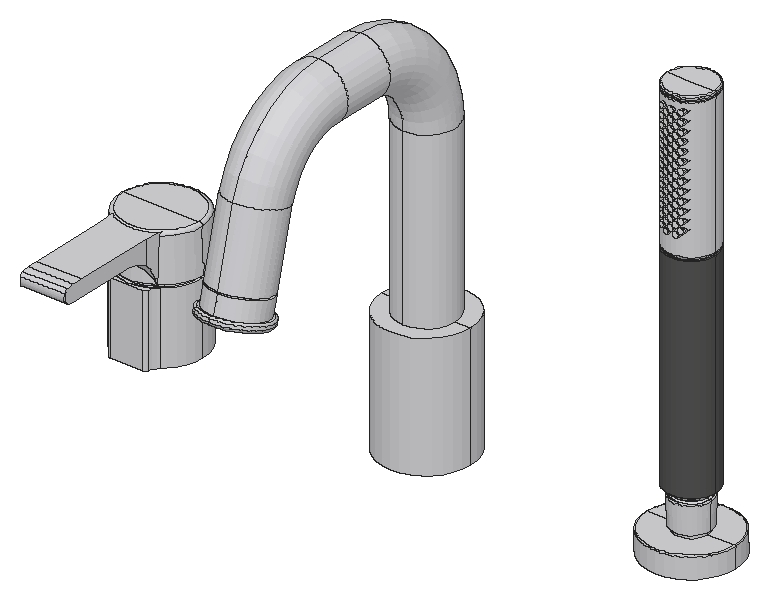
Revit family "Faucet-Bath_Filler-KOHLER-Singulier-K-10873", category Plumbing Fixtures, host Face, Revit 2015
Parameters (values of type "CP-Polished Chrome")
  Width [instance] = Handspray Width + Lever Width  # 11 7/8"
  Waste Water Outlet = "Waste Water Outlet"  # constant formula
  Waste Connection = 1 = 0  # no
  Vent Connection = 1 = 0  # no
  URL = "https://www.us.kohler.com/us/"
  Spout Reach = Length  # 5 5/16"
  Product Page URL = "http://www.us.kohler.com/us/catalog/productDetails.jsp?productNumber=10873-4"
  Product Name = "Singulier"  # constant formula
  Product Documentation Link = "http://www.us.kohler.com/onlinecatalog/pdf/K-10873-4_spec.pdf"
  Pressure = 0.00 psi
  Model = "K-10873-4-CP"  # constant formula
  Material = " Solid Brass Construction"  # constant formula
  MasterFormat 2004 = "22.41.39"  # constant formula
  MasterFormat 1995 = "15410"  # constant formula
  Manufacturer Address = "444 Highland Dr, Kohler, WI 53044"  # constant formula
  Manufacturer = "KOHLER Co."  # constant formula
  Lever Width [instance] = 5 15/16"
  Length = 5 5/16"  # constant formula
  Hot Water Inlet = "Hot Water Inlet"  # constant formula
  Height = 9 1/8"  # constant formula
  Handspray Width [instance] = 5 15/16"
  HW Connection = 1 = 1  # yes
  Flow Rate = 4 GPM  # constant formula
  Finish = Kohler-Metal-CP-Polished_Chrome
  Environmental Product Declaration = ""
  Drain Included = 1 = 0  # no
  Description = "Deck-mount bath filler with handshower"  # constant formula
  Default Elevation = 36"
  Declare Label = ""
  Date Modified = "12/11/2018"  # constant formula
  Date Created = "12/11/2018"  # constant formula
  Copyright = "Copyright KOHLER Co."  # constant formula
  Contact Us = "https://www.us.kohler.com/us/static/contact.jsp"
  Cold Water Inlet = "Cold Water Inlet"  # constant formula
  CW Connection = 1 = 1  # yes
  Assembly Code = "D2010"
  ADA Compliant = 1 = 0  # no
Reference planes (in)
  plane 1 "Center (Front/Back)": y = 0
  plane 2: z = 0
  plane 3 "Center (Left/Right)": x = 0
  plane 4: y = -5.3125
  plane 5: z = 4.9375
  plane 6: z = 2.75
  plane 7: z = 9.125
  plane 8: x = -5.9375
  plane 9: x = 5.9375
  plane 10: z = 9.4375
Dimensions and locks (in)
  "Length": plane 1 "Center (Front/Back)" to plane 4
  plane 6 to level = 2 3/4"
  "Height": plane 7 to level
  plane 10 to level = 9 7/16"
  "Width": plane 8 to plane 9
  "Lever Width": plane 8 to plane 3 "Center (Left/Right)"
  "Handspray Width": plane 3 "Center (Left/Right)" to plane 9
  aligned and locked: plane 2 to host face
  aligned and locked: level to host face
  aligned and locked: plane 8 to nested 3
  aligned and locked: plane 9 to nested 2
Automatic sketch dimensions
  host sketch curve to host sketch curve = 96"  (x2)
Nested families (in)
  nested 1: "K-10873" at (0, 0, 0), type "K-10873"
  nested 2: "K-10873_Handspray" at (0, 0, 0), type "K-10873_Handspray"
  nested 3: "K-10873_Lever" at (0, 0, 0), type "K-10873_Lever"
Connectors (in)
  piping at (-6.29689, 0, 0), diameter 0.375, driven by "Flow Rate", driven by "Pressure", driven by "HW Connection", driven by "Hot Water Inlet"
    settings: on nested 3, index 1, connector inside diameter 24", connector length 0", flow factor 0, pipe flow 4 GPM, pressure drop 0.00 psi, fitting loss kfactor 0, connector angle 0.00°, fixture units 0, engagement length 0", angle of deflection 0.00°, flow configuration 1, flow direction 1, fitting loss method 4, system type 19, joint type 0, gender type 0, connector reference index -1, connector utility 1, adjustable connector no, is connector primary yes, connector description "Hot Water Inlet"
  piping at (-5.57811, 0, 0), diameter 0.375, driven by "Flow Rate", driven by "Pressure", driven by "CW Connection", driven by "Cold Water Inlet"
    settings: on nested 3, index 2, connector inside diameter 24", connector length 0", flow factor 0, pipe flow 4 GPM, pressure drop 0.00 psi, fitting loss kfactor 0, connector angle 0.00°, fixture units 0, engagement length 0", angle of deflection 0.00°, flow configuration 1, flow direction 1, fitting loss method 4, system type 20, joint type 0, gender type 0, connector reference index -1, connector utility 1, adjustable connector no, is connector primary no, connector description "Cold Water Inlet"
Definition of nested family "K-10873"
  Parameters (values of type "K-10873")
    Material = none
  Reference planes (in)
    plane 1 "Center (Front/Back)": y = 0
    plane 2: z = 0
    plane 3 "Center (Left/Right)": x = 0
    plane 4: x = -5.9375
    plane 5: x = 5.9375
    plane 6: z = 9.125
    plane 7: y = -5.3125
    plane 8: z = 4.9375
    plane 9: z = 9.4375
    plane 10: x = -6.875
    plane 11: x = -5
    plane 12: x = -1
    plane 13: x = 1
    plane 14: y = 1
    plane 15: y = -1
    plane 16: y = 1
    plane 17: y = -1
  Forms (in)
    Revolve 1, solid, material <- "Material", detail levels medium+fine
      sketch origin (0, 0, 0) x (1, 0, 0) y (0, 0, 1)
        loop
          line (0, 2.75591) -> (-1, 2.75591) -> (-1, 0) -> (0, 0) -> (0, 2.75591)
        axis (0, 0) -> (0, 2.75591)
      angle from 0 to 360
    Sweep 2, solid, material <- "Material", detail levels medium+fine
      path origin (0, 0, 0) x (0, 1, 0) y (0, 0, 1)
        loop
          line (0, 2.75591) -> (0, 6.64425)
          arc (0, 6.64425) -> (-0.53763, 7.9422) -> (-1.83557, 8.47982) r 1.83557
          line (-1.83557, 8.47982) -> (-3.01166, 8.47982)
          arc (-3.01166, 8.47982) -> (-4.12719, 8.10115) -> (-4.78167, 7.12164) r 1.83246
          line (-4.78167, 7.12164) -> (-5.20811, 5.53017)
      profile origin (0, -2.42361, 8.47982) x (0, 0, -1) y (1, 0, 0)
        loop
          circle (0, 0) r 0.64899
    Revolve 3, solid, material <- "Material", detail levels medium+fine
      sketch origin (0, 0, 0) x (0, 1, 0) y (0, 0, 1)
        loop
          line (-4.90552, 4.81488) -> (-4.68395, 4.75551)
          arc (-4.68395, 4.75551) -> (-4.65266, 4.75963) -> (-4.63345, 4.78466) r 0.04123
          line (-4.63345, 4.78466) -> (-4.61341, 4.85942)
          arc (-4.61341, 4.85942) -> (-4.6173, 4.8889) -> (-4.64089, 4.90701) r 0.03885
          line (-4.64089, 4.90701) -> (-4.69843, 4.92242) -> (-4.59144, 5.32172) -> (-4.70552, 5.35229) -> (-4.69472, 5.3926) -> (-5.20811, 5.53017) -> (-5.32081, 5.10957) -> (-4.85967, 4.98601) -> (-4.90552, 4.81488)
        axis (-5.36666, 4.93844) -> (-5.20811, 5.53017)
      angle from 0 to 360
    Revolve 4, solid, material <- "Material", detail levels coarse
      sketch origin (0, 0, 0) x (0, 1, 0) y (0, 0, 1)
        loop
          line (0, 0) -> (1, 0) -> (1, 2.75591) -> (0, 2.75591) -> (0, 0)
        axis (0, 0) -> (0, 2.75591)
      angle from 0 to 360
    Sweep 5, solid, material <- "Material", detail levels coarse
      path origin (0, 0, 0) x (0, 1, 0) y (0, 0, 1)
        loop
          line (-5.36327, 4.9511) -> (-4.76581, 7.18085)
          arc (-4.76581, 7.18085) -> (-4.14077, 8.11629) -> (-3.07544, 8.47792) r 1.75
          line (-3.07544, 8.47792) -> (-1.64289, 8.47792)
          arc (-1.64289, 8.47792) -> (-0.48119, 7.99673) -> (0, 6.83503) r 1.64289
          line (0, 6.83503) -> (0, 2.75591)
      profile origin (0, 0, 2.75591) x (0, -1, 0) y (1, 0, 0)
        loop
          circle (0, 0) r 0.75
  Cuts and joins
    joined: Revolve 1, Sweep 2
  Lines and regions (in)
    Masking region 1
      outline origin (0, 0, 0) x (1, 0, 0) y (0, 0, 1)
        loop
          line (-1, 0) -> (1, 0) -> (1, 2.75591) -> (0.64899, 2.75591) -> (0.64899, 4.85882)
          arc (0.64899, 4.85882) -> (0.75623, 5.01484) -> (0.649, 5.17086) r 0.16712
          line (0.649, 5.17086) -> (0.649, 8.4565)
          arc (0.649, 8.4565) -> (0.46006, 8.92236) -> (0, 9.125) r 0.66879
          arc (0, 9.125) -> (-0.45891, 8.93491) -> (-0.649, 8.476) r 0.649
          line (-0.649, 8.476) -> (-0.649, 5.17086)
          arc (-0.649, 5.17086) -> (-0.75623, 5.01484) -> (-0.64899, 4.85882) r 0.16712
          line (-0.64899, 4.85882) -> (-0.64899, 2.75591) -> (-1, 2.75591) -> (-1, 0)
    Masking region 2
      outline origin (0, 0, 0) x (0, 1, 0) y (0, 0, 1)
        loop
          line (0.64899, 2.75591) -> (0.64899, 6.625)
          arc (0.64899, 6.625) -> (-0.08324, 8.39277) -> (-1.85101, 9.125) r 2.5
          line (-1.85101, 9.125) -> (-2.99844, 9.125)
          arc (-2.99844, 9.125) -> (-4.52034, 8.60838) -> (-5.41325, 7.27205) r 2.5
          line (-5.41325, 7.27205) -> (-5.83498, 5.69814) -> (-5.7215, 5.66773) -> (-5.7323, 5.62742) -> (-5.84638, 5.65799) -> (-5.95337, 5.25869) -> (-6.01164, 5.2743)
          arc (-6.01164, 5.2743) -> (-6.04055, 5.27049) -> (-6.05831, 5.24736) r 0.0381
          line (-6.05831, 5.24736) -> (-6.07904, 5.16997)
          arc (-6.07904, 5.16997) -> (-6.07643, 5.15012) -> (-6.06055, 5.13794) r 0.02615
          line (-6.06055, 5.13794) -> (-4.66599, 4.76427)
          arc (-4.66599, 4.76427) -> (-4.64614, 4.76688) -> (-4.63396, 4.78276) r 0.02615
          line (-4.63396, 4.78276) -> (-4.61322, 4.86015)
          arc (-4.61322, 4.86015) -> (-4.61703, 4.88906) -> (-4.64016, 4.90681) r 0.0381
          line (-4.64016, 4.90681) -> (-4.69843, 4.92242) -> (-4.59144, 5.32172) -> (-4.70552, 5.35229) -> (-4.69472, 5.3926) -> (-4.58123, 5.36219) -> (-4.15555, 6.95088)
          arc (-4.15555, 6.95088) -> (-3.73151, 7.5855) -> (-3.00877, 7.83083) r 1.18723
          line (-3.00877, 7.83083) -> (-1.83371, 7.83083)
          arc (-1.83371, 7.83083) -> (-0.99598, 7.48384) -> (-0.64899, 6.64612) r 1.18472
          line (-0.64899, 6.64612) -> (-0.64899, 2.75591) -> (-1, 2.75591) -> (-1, 0) -> (1, 0) -> (1, 2.75591) -> (0.64899, 2.75591)
    Masking region 3
      outline origin (0, 0, 0) x (1, 0, 0) y (0, 1, 0)
        loop
          arc (-1, 0) -> (-0.90802, -0.41893) -> (-0.64899, -0.7608) r 1
          line (-0.64899, -0.7608) -> (-0.64899, -4.97693)
          arc (-0.64899, -4.97693) -> (0, -6.0963) -> (0.64899, -4.97693) r 0.74782
          line (0.64899, -4.97693) -> (0.64899, -0.7608)
          arc (0.64899, -0.7608) -> (0.90802, -0.41893) -> (1, 0) r 1
          arc (1, 0) -> (0.70711, 0.70711) -> (0, 1) r 1
          arc (0, 1) -> (-0.70711, 0.70711) -> (-1, 0) r 1
    symbolic lines, detail levels medium+fine
      curve 1: arc (-0.38203, 0, 5.24751) -> (-0.19153, 0, 5.26845) -> (0, 0, 5.27544) r 2.62692
      curve 2: arc (-0.649, 0, 5.17086) -> (-0.51808, 0, 5.21812) -> (-0.38203, 0, 5.24751) r 1.0422
      curve 3: arc (0.38203, 0, 5.24751) -> (0.19153, 0, 5.26845) -> (0, 0, 5.27544) r 2.62692
      curve 4: arc (0.649, 0, 5.17086) -> (0.51808, 0, 5.21812) -> (0.38203, 0, 5.24751) r 1.0422
      curve 5: arc (-0.42354, 0, 4.78959) -> (-0.21251, 0, 4.76299) -> (0, 0, 4.75411) r 2.54556
      curve 6: arc (-0.64899, 0, 4.85882) -> (-0.53853, 0, 4.81682) -> (-0.42354, 0, 4.78959) r 0.90435
      curve 7: arc (0.42354, 0, 4.78959) -> (0.21251, 0, 4.76299) -> (0, 0, 4.75411) r 2.54556
      curve 8: arc (0.64899, 0, 4.85882) -> (0.53853, 0, 4.81682) -> (0.42354, 0, 4.78959) r 0.90435
      curve 9: spline (0, 0, 4.81488) -> (-0.12356, 0, 4.81909) -> (-0.2387, 0, 4.83143) -> (-0.33758, 0, 4.85107) -> (-0.41345, 0, 4.87666) -> (-0.46114, 0, 4.90646) -> (-0.47741, 0, 4.93844) -> (-0.46114, 0, 4.97042) -> (-0.41345, 0, 5.00022) -> (-0.33758, 0, 5.02581) -> (-0.2387, 0, 5.04545) -> (-0.12356, 0, 5.05779) -> (0, 0, 5.062)
      curve 10: spline (0, 0, 5.062) -> (0.12356, 0, 5.05779) -> (0.2387, 0, 5.04545) -> (0.33758, 0, 5.02581) -> (0.41345, 0, 5.00022) -> (0.46114, 0, 4.97042) -> (0.47741, 0, 4.93844) -> (0.46114, 0, 4.90646) -> (0.41345, 0, 4.87666) -> (0.33758, 0, 4.85107) -> (0.2387, 0, 4.83143) -> (0.12356, 0, 4.81909) -> (0, 0, 4.81488)
      curve 11: spline (-0.74515, 0, 5.07467) -> (-0.71976, 0, 5.11568) -> (-0.64532, 0, 5.1539) -> (-0.5269, 0, 5.18672) -> (-0.37258, 0, 5.2119) -> (-0.19286, 0, 5.22773) -> (0, 0, 5.23313) -> (0.19286, 0, 5.22773) -> (0.37258, 0, 5.2119) -> (0.5269, 0, 5.18672) -> (0.64532, 0, 5.1539) -> (0.71976, 0, 5.11568) -> (0.74515, 0, 5.07467)
      curve 12: spline (-0.649, 0, 5.50347) -> (-0.62688, 0, 5.55385) -> (-0.56205, 0, 5.6008) -> (-0.45891, 0, 5.64112) -> (-0.3245, 0, 5.67206) -> (-0.16797, 0, 5.6915) -> (0, 0, 5.69814) -> (0.16797, 0, 5.6915) -> (0.3245, 0, 5.67206) -> (0.45891, 0, 5.64112) -> (0.56205, 0, 5.6008) -> (0.62688, 0, 5.55385) -> (0.649, 0, 5.50347)
      curve 13: spline (-0.649, 0, 5.48275) -> (-0.62688, 0, 5.53463) -> (-0.56205, 0, 5.58297) -> (-0.45891, 0, 5.62448) -> (-0.3245, 0, 5.65633) -> (-0.16797, 0, 5.67635) -> (0, 0, 5.68318) -> (0.16797, 0, 5.67635) -> (0.3245, 0, 5.65633) -> (0.45891, 0, 5.62448) -> (0.56205, 0, 5.58297) -> (0.62688, 0, 5.53463) -> (0.649, 0, 5.48275)
      curve 14: line (-0.64899, 0, 2.75591) -> (0.64899, 0, 2.75591)
      curve 15: line (0, -4.69843, 4.92242) -> (0, -5.95337, 5.25869)
      curve 16: line (0, -4.70552, 5.35229) -> (0, -5.7323, 5.62742)
      curve 17: line (0, -4.69472, 5.3926) -> (0, -5.7215, 5.66773)
      curve 18: line (-0.64899, -0.7608, 0) -> (-0.64899, 0.00122, 0)
      curve 19: line (0.64899, -0.7608, 0) -> (0.64899, 0.00122, 0)
      curve 20: arc (-0.64899, 0.00122, 0) -> (0, 0.6502, 0) -> (0.64899, 0.00122, 0) r 0.64899
      curve 21: line (-0.64899, -4.97693, 0) -> (-0.64955, -5.30306, 0)
      curve 22: line (0.64899, -4.97693, 0) -> (0.64955, -5.30306, 0)
      curve 23: arc (-0.64955, -5.30306, 0) -> (0, -5.95374, 0) -> (0.64955, -5.30306, 0) r 0.64955
      curve 24: spline (-0.64949, -5.26761, 0) -> (-0.62736, -5.41741, 0) -> (-0.56248, -5.557, 0) -> (-0.45926, -5.67686, 0) -> (-0.32475, -5.76884, 0) -> (-0.1681, -5.82666, 0) -> (0, -5.84638, 0) -> (0.1681, -5.82666, 0) -> (0.32475, -5.76884, 0) -> (0.45926, -5.67686, 0) -> (0.56248, -5.557, 0) -> (0.62736, -5.41741, 0) -> (0.64949, -5.26761, 0)
      curve 25: spline (-0.64949, -5.26761, 0) -> (-0.62736, -5.41446, 0) -> (-0.56248, -5.5513, 0) -> (-0.45926, -5.6688, 0) -> (-0.32475, -5.75897, 0) -> (-0.1681, -5.81565, 0) -> (0, -5.83498, 0) -> (0.1681, -5.81565, 0) -> (0.32475, -5.75897, 0) -> (0.45926, -5.6688, 0) -> (0.56248, -5.5513, 0) -> (0.62736, -5.41446, 0) -> (0.64949, -5.26761, 0)
      curve 26: line (0, -0.64899, 2.75591) -> (0, 0.64899, 2.75591)
  Dimensions and locks (in)
    plane 4 to plane 3 "Center (Left/Right)" = 5 15/16"
    plane 5 to plane 3 "Center (Left/Right)" = 5 15/16"
    plane 6 to level = 9 1/8"
    plane 1 "Center (Front/Back)" to plane 7 = 5 5/16"
    plane 8 to level = 4 15/16"
    plane 9 to level = 9 7/16"
    plane 10 to plane 4 = 15/16"
    plane 14 to plane 1 "Center (Front/Back)" = 1"
    aligned and locked: plane 2 to level
Definition of nested family "K-10873_Handspray"
  Parameters (values of type "K-10873_Handspray")
    Material = none
  Reference planes (in)
    plane 1 "Center (Front/Back)": y = 0
    plane 2: z = 0
    plane 3 "Center (Left/Right)": x = 0
    plane 4: x = -5.9375
    plane 5: x = 5.9375
    plane 6: z = 9.125
    plane 7: y = -5.3125
    plane 8: z = 4.9375
    plane 9: z = 9.4375
    plane 10: x = -6.875
    plane 11: x = -5
    plane 12: x = 4.9375
    plane 13: x = 6.9375
    plane 14: y = 1
    plane 15: y = -1
  Forms (in)
    Revolve 1, solid, material <- "Material", detail levels medium+fine
      sketch origin (0.42569, 0, 0) x (1, 0, 0) y (0, 0, 1)
        loop
          line (5.51181, 0) -> (5.51181, 1.36164) -> (5.04181, 1.36164) -> (5.04181, 1.31165)
          arc (5.04181, 1.31165) -> (5.04774, 1.29734) -> (5.06204, 1.29142) r 0.02023
          line (5.06204, 1.29142) -> (5.13197, 1.29142)
          arc (5.13197, 1.29142) -> (5.146, 1.28561) -> (5.15181, 1.27159) r 0.01983
          line (5.15181, 1.27159) -> (5.15181, 1.21642) -> (5.11649, 1.1811) -> (5.08173, 1.1811)
          arc (5.08173, 1.1811) -> (5.06789, 1.17523) -> (5.0625, 1.16119) r 0.01924
          line (5.0625, 1.16119) -> (5.08349, 0.5601) -> (5.13931, 0.5601) -> (5.13931, 0.47244) -> (4.53193, 0.47244)
          arc (4.53193, 0.47244) -> (4.5177, 0.46655) -> (4.51181, 0.45232) r 0.02012
          line (4.51181, 0.45232) -> (4.51181, 0) -> (5.51181, 0)
        loop
          line (4.95681, 9.32104) -> (4.95681, 6.20503)
          arc (4.95681, 6.20503) -> (4.96256, 6.19116) -> (4.97643, 6.18542) r 0.01961
          line (4.97643, 6.18542) -> (5.00831, 6.18542) -> (5.00831, 6.13142) -> (5.51181, 6.13142) -> (5.51181, 9.4375) -> (4.98335, 9.4375)
          arc (4.98335, 9.4375) -> (4.96811, 9.43119) -> (4.9618, 9.41595) r 0.02155
          line (4.9618, 9.41595) -> (4.9618, 9.36846)
          arc (4.9618, 9.36846) -> (4.968, 9.35331) -> (4.98305, 9.34687) r 0.0216
          arc (4.98305, 9.34687) -> (4.96452, 9.33945) -> (4.95681, 9.32104) r 0.02582
        axis (5.51181, 9.4375) -> (5.51181, 0)
      angle from 0 to 360
    Extrusion 2, solid, detail levels medium+fine
      sketch origin (0, 0, 0) x (1, 0, 0) y (0, 0, 1)
        loop
          circle (5.82769, 6.65208) r 0.06237
        loop
          circle (6.04656, 6.65208) r 0.06237
        loop
          circle (6.15347, 6.75118) r 0.06237
        loop
          circle (5.93878, 6.75118) r 0.06237
        loop
          circle (5.71967, 6.75118) r 0.06237
        loop
          circle (5.82769, 6.84639) r 0.06237
        loop
          circle (6.04656, 6.84639) r 0.06237
        loop
          circle (6.15347, 6.94549) r 0.06237
        loop
          circle (5.93878, 6.94549) r 0.06237
        loop
          circle (5.71967, 6.94549) r 0.06237
        loop
          circle (5.82769, 7.04743) r 0.06237
        loop
          circle (6.04656, 7.04743) r 0.06237
        loop
          circle (6.15347, 7.14653) r 0.06237
        loop
          circle (5.93878, 7.14653) r 0.06237
        loop
          circle (5.71967, 7.14653) r 0.06237
        loop
          circle (5.82769, 7.24897) r 0.06237
        loop
          circle (6.04656, 7.24897) r 0.06237
        loop
          circle (6.15347, 7.34807) r 0.06237
        loop
          circle (5.93878, 7.34807) r 0.06237
        loop
          circle (5.71967, 7.34807) r 0.06237
        loop
          circle (5.82769, 7.44937) r 0.06237
        loop
          circle (6.04656, 7.44937) r 0.06237
        loop
          circle (6.15347, 7.54847) r 0.06237
        loop
          circle (5.93878, 7.54847) r 0.06237
        loop
          circle (5.71967, 7.54847) r 0.06237
        loop
          circle (5.82769, 7.6509) r 0.06237
        loop
          circle (6.04656, 7.6509) r 0.06237
        loop
          circle (6.15347, 7.75) r 0.06237
        loop
          circle (5.93878, 7.75) r 0.06237
        loop
          circle (5.71967, 7.75) r 0.06237
        loop
          circle (5.82769, 7.84675) r 0.06237
        loop
          circle (6.04656, 7.84675) r 0.06237
        loop
          circle (6.15347, 7.94585) r 0.06237
        loop
          circle (5.93878, 7.94585) r 0.06237
        loop
          circle (5.71967, 7.94585) r 0.06237
        loop
          circle (5.82769, 8.04487) r 0.06237
        loop
          circle (6.04656, 8.04487) r 0.06237
        loop
          circle (6.15347, 8.14397) r 0.06237
        loop
          circle (5.93878, 8.14397) r 0.06237
        loop
          circle (5.71967, 8.14397) r 0.06237
        loop
          circle (5.82769, 8.24456) r 0.06237
        loop
          circle (6.04656, 8.24456) r 0.06237
        loop
          circle (6.15347, 8.34366) r 0.06237
        loop
          circle (5.93878, 8.34366) r 0.06237
        loop
          circle (5.71967, 8.34366) r 0.06237
        loop
          circle (5.82769, 8.4457) r 0.06237
        loop
          circle (6.04656, 8.4457) r 0.06237
        loop
          circle (6.15347, 8.5448) r 0.06237
        loop
          circle (5.93878, 8.5448) r 0.06237
        loop
          circle (5.71967, 8.5448) r 0.06237
        loop
          circle (5.82952, 8.63508) r 0.06237
        loop
          circle (6.04839, 8.63508) r 0.06237
        loop
          circle (6.1553, 8.73418) r 0.06237
        loop
          circle (5.94062, 8.73418) r 0.06237
        loop
          circle (5.72151, 8.73418) r 0.06237
        loop
          circle (5.82952, 8.83802) r 0.06237
        loop
          circle (6.04839, 8.83802) r 0.06237
        loop
          circle (6.1553, 8.93712) r 0.06237
        loop
          circle (5.94062, 8.93712) r 0.06237
        loop
          circle (5.72151, 8.93712) r 0.06237
        loop
          circle (5.82952, 9.03732) r 0.06237
        loop
          circle (6.04839, 9.03732) r 0.06237
        loop
          circle (6.1553, 9.13642) r 0.06237
        loop
          circle (5.94062, 9.13642) r 0.06237
        loop
          circle (5.72151, 9.13642) r 0.06237
      from 0 to 0.60447
    Extrusion 3, void, detail levels medium+fine
      sketch origin (0, 0, 0) x (1, 0, 0) y (0, 1, 0)
        loop
          line (5.52349, -0.49172) -> (5.52349, -0.77734) -> (6.36988, -0.77734) -> (6.36988, -0.49172)
          arc (6.36988, -0.49172) -> (5.94668, -0.58229) -> (5.52349, -0.49172) r 1.03396
      from 0 to 12
    Revolve 4, solid, detail levels medium+fine
      sketch origin (0, 0, 0) x (1, 0, 0) y (0, 0, 1)
        loop
          line (5.9375, 1.38142) -> (5.9375, 6.13142) -> (5.38251, 6.13142) -> (5.38251, 1.38142) -> (5.9375, 1.38142)
        axis (5.9375, 6.13142) -> (5.9375, 1.38142)
      angle from 0 to 360
    Revolve 5, solid, material <- "Material", detail levels coarse
      sketch origin (0, 0, 0) x (1, 0, 0) y (0, 0, 1)
        loop
          line (5.9375, 0) -> (5.9375, 9.4375) -> (5.4375, 9.4375) -> (5.4375, 0.45232) -> (4.9375, 0.45232) -> (4.9375, 0) -> (5.9375, 0)
        axis (5.9375, 0) -> (5.9375, 9.4375)
      angle from 0 to 360
  Cuts and joins
    Extrusion 3 cuts Extrusion 2
  Lines and regions (in)
    Masking region 1
      outline origin (0, 0, 0) x (1, 0, 0) y (0, 0, 1)
        loop
          line (4.9375, 0) -> (5.9375, 0) -> (6.9375, 0) -> (6.9375, 0.45232)
          arc (6.9375, 0.45232) -> (6.93161, 0.46655) -> (6.91738, 0.47244) r 0.02012
          line (6.91738, 0.47244) -> (6.31, 0.47244) -> (6.31, 0.5601) -> (6.36582, 0.5601) -> (6.38681, 1.16119)
          arc (6.38681, 1.16119) -> (6.38142, 1.17523) -> (6.36758, 1.1811) r 0.01924
          line (6.36758, 1.1811) -> (6.33283, 1.1811) -> (6.29751, 1.21642) -> (6.29751, 1.27159)
          arc (6.29751, 1.27159) -> (6.30331, 1.28561) -> (6.31734, 1.29142) r 0.01983
          line (6.31734, 1.29142) -> (6.38727, 1.29142)
          arc (6.38727, 1.29142) -> (6.40157, 1.29734) -> (6.4075, 1.31165) r 0.02023
          line (6.4075, 1.31165) -> (6.4075, 1.36164)
          arc (6.4075, 1.36164) -> (6.40171, 1.37562) -> (6.38772, 1.38142) r 0.01978
          line (6.38772, 1.38142) -> (6.49249, 1.38142) -> (6.49249, 6.13142) -> (6.44101, 6.13142) -> (6.44101, 6.18542) -> (6.47288, 6.18542)
          arc (6.47288, 6.18542) -> (6.48675, 6.19116) -> (6.4925, 6.20503) r 0.01961
          line (6.4925, 6.20503) -> (6.4925, 9.32104)
          arc (6.4925, 9.32104) -> (6.48479, 9.33945) -> (6.46626, 9.34686) r 0.02582
          arc (6.46626, 9.34686) -> (6.48131, 9.35331) -> (6.48751, 9.36846) r 0.0216
          line (6.48751, 9.36846) -> (6.48751, 9.41595)
          arc (6.48751, 9.41595) -> (6.4812, 9.43119) -> (6.46596, 9.4375) r 0.02155
          line (6.46596, 9.4375) -> (5.9375, 9.4375) -> (5.40904, 9.4375)
          arc (5.40904, 9.4375) -> (5.3938, 9.43119) -> (5.38749, 9.41595) r 0.02155
          line (5.38749, 9.41595) -> (5.38749, 9.36846)
          arc (5.38749, 9.36846) -> (5.39369, 9.35331) -> (5.40874, 9.34687) r 0.0216
          arc (5.40874, 9.34687) -> (5.39021, 9.33945) -> (5.3825, 9.32104) r 0.02582
          line (5.3825, 9.32104) -> (5.3825, 6.20503)
          arc (5.3825, 6.20503) -> (5.38825, 6.19116) -> (5.40212, 6.18542) r 0.01961
          line (5.40212, 6.18542) -> (5.43399, 6.18542) -> (5.43399, 6.13142) -> (5.38251, 6.13142) -> (5.38251, 1.38142) -> (5.48728, 1.38142)
          arc (5.48728, 1.38142) -> (5.47329, 1.37562) -> (5.4675, 1.36164) r 0.01978
          line (5.4675, 1.36164) -> (5.4675, 1.31165)
          arc (5.4675, 1.31165) -> (5.47343, 1.29734) -> (5.48773, 1.29142) r 0.02023
          line (5.48773, 1.29142) -> (5.55766, 1.29142)
          arc (5.55766, 1.29142) -> (5.57169, 1.28561) -> (5.57749, 1.27159) r 0.01983
          line (5.57749, 1.27159) -> (5.57749, 1.21642) -> (5.54217, 1.1811) -> (5.50742, 1.1811)
          arc (5.50742, 1.1811) -> (5.49358, 1.17523) -> (5.48819, 1.16119) r 0.01924
          line (5.48819, 1.16119) -> (5.50918, 0.5601) -> (5.565, 0.5601) -> (5.565, 0.47244) -> (4.95762, 0.47244)
          arc (4.95762, 0.47244) -> (4.94339, 0.46655) -> (4.9375, 0.45232) r 0.02012
          line (4.9375, 0.45232) -> (4.9375, 0)
    Masking region 2
      outline origin (0, 0, 0) x (0, 1, 0) y (0, 0, 1)
        loop
          line (1, 0) -> (1, 0.45232)
          arc (1, 0.45232) -> (0.99411, 0.46655) -> (0.97988, 0.47244) r 0.02012
          line (0.97988, 0.47244) -> (0.3725, 0.47244) -> (0.3725, 0.5601) -> (0.42832, 0.5601) -> (0.44931, 1.16119)
          arc (0.44931, 1.16119) -> (0.44392, 1.17523) -> (0.43008, 1.1811) r 0.01924
          line (0.43008, 1.1811) -> (0.39533, 1.1811) -> (0.36001, 1.21642) -> (0.36001, 1.27159)
          arc (0.36001, 1.27159) -> (0.36581, 1.28561) -> (0.37984, 1.29142) r 0.01983
          line (0.37984, 1.29142) -> (0.44977, 1.29142)
          arc (0.44977, 1.29142) -> (0.46407, 1.29734) -> (0.47, 1.31165) r 0.02023
          line (0.47, 1.31165) -> (0.47, 1.36164)
          arc (0.47, 1.36164) -> (0.46421, 1.37562) -> (0.45022, 1.38142) r 0.01978
          line (0.45022, 1.38142) -> (0.55499, 1.38142) -> (0.55499, 6.13142) -> (0.50351, 6.13142) -> (0.50351, 6.18542) -> (0.53538, 6.18542)
          arc (0.53538, 6.18542) -> (0.54925, 6.19116) -> (0.555, 6.20503) r 0.01961
          line (0.555, 6.20503) -> (0.555, 9.32104)
          arc (0.555, 9.32104) -> (0.54729, 9.33945) -> (0.52876, 9.34687) r 0.02582
          arc (0.52876, 9.34687) -> (0.54381, 9.35331) -> (0.55001, 9.36846) r 0.0216
          line (0.55001, 9.36846) -> (0.55001, 9.41595)
          arc (0.55001, 9.41595) -> (0.5437, 9.43119) -> (0.52846, 9.4375) r 0.02155
          line (0.52846, 9.4375) -> (-0.52846, 9.4375)
          arc (-0.52846, 9.4375) -> (-0.5437, 9.43119) -> (-0.55001, 9.41595) r 0.02155
          line (-0.55001, 9.41595) -> (-0.55001, 9.36846)
          arc (-0.55001, 9.36846) -> (-0.54381, 9.35331) -> (-0.52876, 9.34686) r 0.0216
          arc (-0.52876, 9.34686) -> (-0.54729, 9.33945) -> (-0.555, 9.32104) r 0.02582
          line (-0.555, 9.32104) -> (-0.555, 9.19946) -> (-0.58618, 9.19946) -> (-0.58618, 6.58927) -> (-0.555, 6.58927) -> (-0.555, 6.20503)
          arc (-0.555, 6.20503) -> (-0.54925, 6.19116) -> (-0.53538, 6.18542) r 0.01961
          line (-0.53538, 6.18542) -> (-0.50351, 6.18542) -> (-0.50351, 6.13142) -> (-0.55499, 6.13142) -> (-0.55499, 1.38142) -> (-0.45022, 1.38142)
          arc (-0.45022, 1.38142) -> (-0.46421, 1.37562) -> (-0.47, 1.36164) r 0.01978
          line (-0.47, 1.36164) -> (-0.47, 1.31165)
          arc (-0.47, 1.31165) -> (-0.46407, 1.29734) -> (-0.44977, 1.29142) r 0.02023
          line (-0.44977, 1.29142) -> (-0.37984, 1.29142)
          arc (-0.37984, 1.29142) -> (-0.36581, 1.28561) -> (-0.36001, 1.27159) r 0.01983
          line (-0.36001, 1.27159) -> (-0.36001, 1.21642) -> (-0.39533, 1.1811) -> (-0.43008, 1.1811)
          arc (-0.43008, 1.1811) -> (-0.44392, 1.17523) -> (-0.44931, 1.16119) r 0.01924
          line (-0.44931, 1.16119) -> (-0.42832, 0.5601) -> (-0.3725, 0.5601) -> (-0.3725, 0.47244) -> (-0.97988, 0.47244)
          arc (-0.97988, 0.47244) -> (-0.99411, 0.46655) -> (-1, 0.45232) r 0.02012
          line (-1, 0.45232) -> (-1, 0) -> (1, 0)
    Masking region 3
      outline origin (0, 0, 0) x (1, 0, 0) y (0, 1, 0)
        loop
          arc (4.9375, 0) -> (5.23039, -0.70711) -> (5.9375, -1) r 1
          arc (5.9375, -1) -> (6.64461, -0.70711) -> (6.9375, 0) r 1
          arc (6.9375, 0) -> (6.64461, 0.70711) -> (5.9375, 1) r 1
          arc (5.9375, 1) -> (5.23039, 0.70711) -> (4.9375, 0) r 1
    symbolic lines, detail levels medium+fine
      curve 1: line (5.43399, 0, 6.18542) -> (6.44101, 0, 6.18542)
      curve 2: line (5.43399, 0, 6.13142) -> (6.44101, 0, 6.13142)
      curve 3: line (5.48728, 0, 1.38142) -> (6.38772, 0, 1.38142)
      curve 4: line (5.55766, 0, 1.29142) -> (6.31734, 0, 1.29142)
      curve 5: line (5.40874, 0, 9.34686) -> (6.46626, 0, 9.34686)
      curve 6: spline (5.65907, 0, 8.93709) -> (5.66152, 0, 8.92081) -> (5.66795, 0, 8.90571) -> (5.67792, 0, 8.89279) -> (5.69077, 0, 8.8829) -> (5.70566, 0, 8.87669) -> (5.7216, 0, 8.87457) -> (5.73754, 0, 8.87669) -> (5.75243, 0, 8.8829) -> (5.76528, 0, 8.89279) -> (5.77524, 0, 8.90571) -> (5.78167, 0, 8.92081) -> (5.78412, 0, 8.93709)
      curve 7: spline (5.78412, 0, 8.93709) -> (5.78166, 0, 8.95338) -> (5.77523, 0, 8.9685) -> (5.76525, 0, 8.98144) -> (5.75238, 0, 8.99134) -> (5.73747, 0, 8.99756) -> (5.72152, 0, 8.99968) -> (5.70557, 0, 8.99756) -> (5.69068, 0, 8.99134) -> (5.67783, 0, 8.98143) -> (5.66788, 0, 8.9685) -> (5.66149, 0, 8.95338) -> (5.65907, 0, 8.93709)
      curve 8: spline (5.87825, 0, 8.93738) -> (5.88033, 0, 8.92117) -> (5.88654, 0, 8.90605) -> (5.89646, 0, 8.89307) -> (5.90942, 0, 8.88312) -> (5.92452, 0, 8.87687) -> (5.94072, 0, 8.87475) -> (5.95692, 0, 8.87692) -> (5.972, 0, 8.88322) -> (5.98492, 0, 8.89323) -> (5.9948, 0, 8.90624) -> (6.00096, 0, 8.92138) -> (6.00298, 0, 8.93759)
      curve 9: spline (6.00298, 0, 8.93759) -> (6.00075, 0, 8.95366) -> (5.99445, 0, 8.96861) -> (5.98451, 0, 8.98143) -> (5.97161, 0, 8.99125) -> (5.9566, 0, 8.99741) -> (5.94051, 0, 8.99949) -> (5.92443, 0, 8.99736) -> (5.90945, 0, 8.99114) -> (5.89657, 0, 8.98128) -> (5.88667, 0, 8.96842) -> (5.88043, 0, 8.95345) -> (5.87825, 0, 8.93738)
      curve 10: spline (6.09272, 0, 8.93716) -> (6.09513, 0, 8.92088) -> (6.10154, 0, 8.90578) -> (6.11151, 0, 8.89284) -> (6.12438, 0, 8.88293) -> (6.13931, 0, 8.87671) -> (6.15529, 0, 8.87459) -> (6.17127, 0, 8.87671) -> (6.18618, 0, 8.88293) -> (6.19904, 0, 8.89284) -> (6.20898, 0, 8.90578) -> (6.21535, 0, 8.92089) -> (6.21773, 0, 8.93716)
      curve 11: spline (6.21773, 0, 8.93716) -> (6.21532, 0, 8.95341) -> (6.20892, 0, 8.9685) -> (6.19896, 0, 8.98142) -> (6.1861, 0, 8.99132) -> (6.17119, 0, 8.99753) -> (6.15523, 0, 8.99965) -> (6.13926, 0, 8.99753) -> (6.12435, 0, 8.99132) -> (6.11149, 0, 8.98142) -> (6.10153, 0, 8.9685) -> (6.09513, 0, 8.95341) -> (6.09272, 0, 8.93716)
      curve 12: spline (5.98596, 0, 8.83808) -> (5.98814, 0, 8.8219) -> (5.9944, 0, 8.80683) -> (6.00433, 0, 8.7939) -> (6.01724, 0, 8.78397) -> (6.03227, 0, 8.77774) -> (6.04838, 0, 8.77561) -> (6.06449, 0, 8.77774) -> (6.07951, 0, 8.78398) -> (6.09241, 0, 8.7939) -> (6.10233, 0, 8.80684) -> (6.10858, 0, 8.82191) -> (6.11075, 0, 8.83809)
      curve 13: spline (6.11075, 0, 8.83809) -> (6.10855, 0, 8.85425) -> (6.10228, 0, 8.86929) -> (6.09235, 0, 8.88219) -> (6.07945, 0, 8.89209) -> (6.06445, 0, 8.89831) -> (6.04836, 0, 8.90043) -> (6.03227, 0, 8.89831) -> (6.01726, 0, 8.89209) -> (6.00436, 0, 8.88219) -> (5.99444, 0, 8.86928) -> (5.98816, 0, 8.85424) -> (5.98596, 0, 8.83808)
      curve 14: spline (5.76716, 0, 8.83796) -> (5.76938, 0, 8.8218) -> (5.77566, 0, 8.80675) -> (5.78559, 0, 8.79384) -> (5.79849, 0, 8.78394) -> (5.81348, 0, 8.77773) -> (5.82956, 0, 8.77561) -> (5.84564, 0, 8.77773) -> (5.86064, 0, 8.78395) -> (5.87353, 0, 8.79384) -> (5.88346, 0, 8.80675) -> (5.88975, 0, 8.8218) -> (5.89198, 0, 8.83797)
      curve 15: spline (5.89198, 0, 8.83797) -> (5.88977, 0, 8.85416) -> (5.88349, 0, 8.86923) -> (5.87356, 0, 8.88217) -> (5.86065, 0, 8.89208) -> (5.84564, 0, 8.89832) -> (5.82954, 0, 8.90044) -> (5.81344, 0, 8.89832) -> (5.79843, 0, 8.89208) -> (5.78553, 0, 8.88216) -> (5.77562, 0, 8.86923) -> (5.76935, 0, 8.85416) -> (5.76716, 0, 8.83796)
      curve 16: spline (5.65907, 0, 8.73414) -> (5.66152, 0, 8.71787) -> (5.66795, 0, 8.70277) -> (5.67792, 0, 8.68984) -> (5.69077, 0, 8.67995) -> (5.70566, 0, 8.67374) -> (5.7216, 0, 8.67163) -> (5.73754, 0, 8.67374) -> (5.75243, 0, 8.67995) -> (5.76528, 0, 8.68984) -> (5.77524, 0, 8.70277) -> (5.78167, 0, 8.71787) -> (5.78412, 0, 8.73414)
      curve 17: spline (5.78412, 0, 8.73414) -> (5.78166, 0, 8.75044) -> (5.77523, 0, 8.76555) -> (5.76525, 0, 8.77849) -> (5.75238, 0, 8.7884) -> (5.73747, 0, 8.79461) -> (5.72152, 0, 8.79673) -> (5.70557, 0, 8.79461) -> (5.69068, 0, 8.7884) -> (5.67783, 0, 8.77849) -> (5.66788, 0, 8.76555) -> (5.66149, 0, 8.75043) -> (5.65907, 0, 8.73414)
      curve 18: spline (5.87825, 0, 8.73443) -> (5.88033, 0, 8.71822) -> (5.88654, 0, 8.70311) -> (5.89646, 0, 8.69013) -> (5.90942, 0, 8.68017) -> (5.92452, 0, 8.67392) -> (5.94072, 0, 8.67181) -> (5.95692, 0, 8.67398) -> (5.972, 0, 8.68028) -> (5.98492, 0, 8.69028) -> (5.9948, 0, 8.70329) -> (6.00096, 0, 8.71843) -> (6.00298, 0, 8.73465)
      curve 19: spline (6.00298, 0, 8.73464) -> (6.00075, 0, 8.75071) -> (5.99445, 0, 8.76566) -> (5.98451, 0, 8.77848) -> (5.97161, 0, 8.7883) -> (5.9566, 0, 8.79446) -> (5.94051, 0, 8.79655) -> (5.92443, 0, 8.79441) -> (5.90945, 0, 8.7882) -> (5.89657, 0, 8.77833) -> (5.88667, 0, 8.76548) -> (5.88043, 0, 8.75051) -> (5.87825, 0, 8.73443)
      curve 20: spline (6.09272, 0, 8.73421) -> (6.09513, 0, 8.71794) -> (6.10154, 0, 8.70283) -> (6.11151, 0, 8.6899) -> (6.12438, 0, 8.67999) -> (6.13931, 0, 8.67377) -> (6.15529, 0, 8.67165) -> (6.17127, 0, 8.67377) -> (6.18618, 0, 8.67999) -> (6.19904, 0, 8.6899) -> (6.20898, 0, 8.70283) -> (6.21535, 0, 8.71794) -> (6.21773, 0, 8.73421)
      curve 21: spline (6.21773, 0, 8.73421) -> (6.21532, 0, 8.75047) -> (6.20892, 0, 8.76556) -> (6.19896, 0, 8.77848) -> (6.1861, 0, 8.78837) -> (6.17119, 0, 8.79458) -> (6.15523, 0, 8.7967) -> (6.13926, 0, 8.79458) -> (6.12435, 0, 8.78837) -> (6.11149, 0, 8.77848) -> (6.10153, 0, 8.76556) -> (6.09513, 0, 8.75047) -> (6.09272, 0, 8.73421)
      curve 22: spline (5.98596, 0, 8.63514) -> (5.98814, 0, 8.61895) -> (5.9944, 0, 8.60388) -> (6.00433, 0, 8.59095) -> (6.01724, 0, 8.58103) -> (6.03227, 0, 8.57479) -> (6.04838, 0, 8.57267) -> (6.06449, 0, 8.5748) -> (6.07951, 0, 8.58103) -> (6.09241, 0, 8.59095) -> (6.10233, 0, 8.60389) -> (6.10858, 0, 8.61896) -> (6.11075, 0, 8.63514)
      curve 23: spline (6.11075, 0, 8.63514) -> (6.10855, 0, 8.6513) -> (6.10228, 0, 8.66634) -> (6.09235, 0, 8.67925) -> (6.07945, 0, 8.68914) -> (6.06445, 0, 8.69536) -> (6.04836, 0, 8.69748) -> (6.03227, 0, 8.69536) -> (6.01726, 0, 8.68914) -> (6.00436, 0, 8.67924) -> (5.99444, 0, 8.66634) -> (5.98816, 0, 8.6513) -> (5.98596, 0, 8.63514)
      curve 24: spline (5.76716, 0, 8.63502) -> (5.76938, 0, 8.61885) -> (5.77566, 0, 8.6038) -> (5.78559, 0, 8.5909) -> (5.79849, 0, 8.581) -> (5.81348, 0, 8.57478) -> (5.82956, 0, 8.57266) -> (5.84564, 0, 8.57478) -> (5.86064, 0, 8.581) -> (5.87353, 0, 8.5909) -> (5.88346, 0, 8.60381) -> (5.88975, 0, 8.61885) -> (5.89198, 0, 8.63502)
      curve 25: spline (5.89198, 0, 8.63502) -> (5.88977, 0, 8.65121) -> (5.88349, 0, 8.66629) -> (5.87356, 0, 8.67922) -> (5.86065, 0, 8.68914) -> (5.84564, 0, 8.69537) -> (5.82954, 0, 8.6975) -> (5.81344, 0, 8.69537) -> (5.79843, 0, 8.68914) -> (5.78553, 0, 8.67922) -> (5.77562, 0, 8.66628) -> (5.76935, 0, 8.65121) -> (5.76716, 0, 8.63502)
      curve 26: spline (5.65723, 0, 8.54477) -> (5.65969, 0, 8.52849) -> (5.66611, 0, 8.51339) -> (5.67608, 0, 8.50047) -> (5.68893, 0, 8.49058) -> (5.70382, 0, 8.48437) -> (5.71976, 0, 8.48225) -> (5.7357, 0, 8.48437) -> (5.75059, 0, 8.49058) -> (5.76344, 0, 8.50047) -> (5.77341, 0, 8.51339) -> (5.77983, 0, 8.52849) -> (5.78229, 0, 8.54477)
      curve 27: spline (5.78229, 0, 8.54477) -> (5.77983, 0, 8.56106) -> (5.77339, 0, 8.57618) -> (5.76341, 0, 8.58911) -> (5.75054, 0, 8.59902) -> (5.73564, 0, 8.60524) -> (5.71968, 0, 8.60736) -> (5.70373, 0, 8.60524) -> (5.68884, 0, 8.59902) -> (5.676, 0, 8.58911) -> (5.66605, 0, 8.57618) -> (5.65965, 0, 8.56106) -> (5.65723, 0, 8.54477)
      curve 28: spline (5.87642, 0, 8.54506) -> (5.87849, 0, 8.52885) -> (5.8847, 0, 8.51373) -> (5.89463, 0, 8.50075) -> (5.90759, 0, 8.49079) -> (5.92268, 0, 8.48454) -> (5.93889, 0, 8.48243) -> (5.95508, 0, 8.4846) -> (5.97016, 0, 8.4909) -> (5.98308, 0, 8.5009) -> (5.99297, 0, 8.51392) -> (5.99913, 0, 8.52906) -> (6.00115, 0, 8.54527)
      curve 29: spline (6.00115, 0, 8.54527) -> (5.99892, 0, 8.56134) -> (5.99262, 0, 8.57629) -> (5.98268, 0, 8.5891) -> (5.96977, 0, 8.59893) -> (5.95476, 0, 8.60509) -> (5.93868, 0, 8.60717) -> (5.9226, 0, 8.60503) -> (5.90761, 0, 8.59882) -> (5.89473, 0, 8.58896) -> (5.88484, 0, 8.5761) -> (5.87859, 0, 8.56113) -> (5.87642, 0, 8.54506)
      curve 30: spline (6.09088, 0, 8.54484) -> (6.09329, 0, 8.52856) -> (6.0997, 0, 8.51346) -> (6.10967, 0, 8.50052) -> (6.12255, 0, 8.49061) -> (6.13747, 0, 8.48439) -> (6.15346, 0, 8.48227) -> (6.16943, 0, 8.48439) -> (6.18435, 0, 8.49061) -> (6.1972, 0, 8.50052) -> (6.20714, 0, 8.51346) -> (6.21352, 0, 8.52857) -> (6.21589, 0, 8.54484)
      curve 31: spline (6.21589, 0, 8.54484) -> (6.21348, 0, 8.56109) -> (6.20709, 0, 8.57618) -> (6.19713, 0, 8.5891) -> (6.18427, 0, 8.599) -> (6.16936, 0, 8.60521) -> (6.15339, 0, 8.60733) -> (6.13742, 0, 8.60521) -> (6.12251, 0, 8.599) -> (6.10965, 0, 8.5891) -> (6.09969, 0, 8.57618) -> (6.09329, 0, 8.56109) -> (6.09088, 0, 8.54484)
      curve 32: spline (5.98412, 0, 8.44576) -> (5.9863, 0, 8.42958) -> (5.99257, 0, 8.41451) -> (6.00249, 0, 8.40158) -> (6.01541, 0, 8.39165) -> (6.03043, 0, 8.38542) -> (6.04654, 0, 8.38329) -> (6.06266, 0, 8.38542) -> (6.07767, 0, 8.39166) -> (6.09058, 0, 8.40158) -> (6.10049, 0, 8.41451) -> (6.10675, 0, 8.42958) -> (6.10892, 0, 8.44577)
      curve 33: spline (6.10892, 0, 8.44577) -> (6.10671, 0, 8.46193) -> (6.10044, 0, 8.47697) -> (6.09052, 0, 8.48987) -> (6.07762, 0, 8.49977) -> (6.06261, 0, 8.50599) -> (6.04652, 0, 8.50811) -> (6.03043, 0, 8.50599) -> (6.01543, 0, 8.49977) -> (6.00253, 0, 8.48987) -> (5.9926, 0, 8.47696) -> (5.98632, 0, 8.46192) -> (5.98412, 0, 8.44576)
      curve 34: spline (5.76532, 0, 8.44564) -> (5.76754, 0, 8.42947) -> (5.77383, 0, 8.41443) -> (5.78375, 0, 8.40152) -> (5.79665, 0, 8.39162) -> (5.81164, 0, 8.3854) -> (5.82772, 0, 8.38328) -> (5.8438, 0, 8.38541) -> (5.8588, 0, 8.39163) -> (5.8717, 0, 8.40152) -> (5.88163, 0, 8.41443) -> (5.88791, 0, 8.42948) -> (5.89014, 0, 8.44565)
      curve 35: spline (5.89014, 0, 8.44565) -> (5.88793, 0, 8.46184) -> (5.88165, 0, 8.47691) -> (5.87172, 0, 8.48985) -> (5.85881, 0, 8.49976) -> (5.8438, 0, 8.506) -> (5.8277, 0, 8.50812) -> (5.8116, 0, 8.506) -> (5.7966, 0, 8.49976) -> (5.7837, 0, 8.48984) -> (5.77378, 0, 8.47691) -> (5.76751, 0, 8.46184) -> (5.76532, 0, 8.44564)
      curve 36: spline (5.65723, 0, 8.34363) -> (5.65969, 0, 8.32735) -> (5.66611, 0, 8.31225) -> (5.67608, 0, 8.29933) -> (5.68893, 0, 8.28944) -> (5.70382, 0, 8.28323) -> (5.71976, 0, 8.28111) -> (5.7357, 0, 8.28323) -> (5.75059, 0, 8.28944) -> (5.76344, 0, 8.29933) -> (5.77341, 0, 8.31225) -> (5.77983, 0, 8.32735) -> (5.78229, 0, 8.34363)
      curve 37: spline (5.78229, 0, 8.34363) -> (5.77983, 0, 8.35992) -> (5.77339, 0, 8.37504) -> (5.76341, 0, 8.38798) -> (5.75054, 0, 8.39788) -> (5.73564, 0, 8.4041) -> (5.71968, 0, 8.40622) -> (5.70373, 0, 8.4041) -> (5.68884, 0, 8.39788) -> (5.676, 0, 8.38798) -> (5.66605, 0, 8.37504) -> (5.65965, 0, 8.35992) -> (5.65723, 0, 8.34363)
      curve 38: spline (5.87642, 0, 8.34392) -> (5.87849, 0, 8.32771) -> (5.8847, 0, 8.31259) -> (5.89463, 0, 8.29961) -> (5.90759, 0, 8.28966) -> (5.92268, 0, 8.28341) -> (5.93889, 0, 8.28129) -> (5.95508, 0, 8.28346) -> (5.97016, 0, 8.28976) -> (5.98308, 0, 8.29977) -> (5.99297, 0, 8.31278) -> (5.99913, 0, 8.32792) -> (6.00115, 0, 8.34413)
      curve 39: spline (6.00115, 0, 8.34413) -> (5.99892, 0, 8.3602) -> (5.99262, 0, 8.37515) -> (5.98268, 0, 8.38797) -> (5.96977, 0, 8.39779) -> (5.95476, 0, 8.40395) -> (5.93868, 0, 8.40603) -> (5.9226, 0, 8.4039) -> (5.90761, 0, 8.39768) -> (5.89473, 0, 8.38782) -> (5.88484, 0, 8.37496) -> (5.87859, 0, 8.35999) -> (5.87642, 0, 8.34392)
      curve 40: spline (6.09088, 0, 8.3437) -> (6.09329, 0, 8.32742) -> (6.0997, 0, 8.31232) -> (6.10967, 0, 8.29938) -> (6.12255, 0, 8.28947) -> (6.13747, 0, 8.28325) -> (6.15346, 0, 8.28113) -> (6.16943, 0, 8.28325) -> (6.18435, 0, 8.28947) -> (6.1972, 0, 8.29938) -> (6.20714, 0, 8.31232) -> (6.21352, 0, 8.32743) -> (6.21589, 0, 8.3437)
      curve 41: spline (6.21589, 0, 8.3437) -> (6.21348, 0, 8.35995) -> (6.20709, 0, 8.37504) -> (6.19713, 0, 8.38796) -> (6.18427, 0, 8.39786) -> (6.16936, 0, 8.40407) -> (6.15339, 0, 8.40619) -> (6.13742, 0, 8.40407) -> (6.12251, 0, 8.39786) -> (6.10965, 0, 8.38796) -> (6.09969, 0, 8.37504) -> (6.09329, 0, 8.35995) -> (6.09088, 0, 8.3437)
      curve 42: spline (5.98412, 0, 8.24462) -> (5.9863, 0, 8.22844) -> (5.99257, 0, 8.21337) -> (6.00249, 0, 8.20044) -> (6.01541, 0, 8.19052) -> (6.03043, 0, 8.18428) -> (6.04654, 0, 8.18215) -> (6.06266, 0, 8.18428) -> (6.07767, 0, 8.19052) -> (6.09058, 0, 8.20044) -> (6.10049, 0, 8.21338) -> (6.10675, 0, 8.22845) -> (6.10892, 0, 8.24463)
      curve 43: spline (6.10892, 0, 8.24463) -> (6.10671, 0, 8.26079) -> (6.10044, 0, 8.27583) -> (6.09052, 0, 8.28873) -> (6.07762, 0, 8.29863) -> (6.06261, 0, 8.30485) -> (6.04652, 0, 8.30697) -> (6.03043, 0, 8.30485) -> (6.01543, 0, 8.29863) -> (6.00253, 0, 8.28873) -> (5.9926, 0, 8.27582) -> (5.98632, 0, 8.26078) -> (5.98412, 0, 8.24462)
      curve 44: spline (5.76532, 0, 8.2445) -> (5.76754, 0, 8.22834) -> (5.77383, 0, 8.21329) -> (5.78375, 0, 8.20038) -> (5.79665, 0, 8.19048) -> (5.81164, 0, 8.18427) -> (5.82772, 0, 8.18215) -> (5.8438, 0, 8.18427) -> (5.8588, 0, 8.19049) -> (5.8717, 0, 8.20038) -> (5.88163, 0, 8.21329) -> (5.88791, 0, 8.22834) -> (5.89014, 0, 8.24451)
      curve 45: spline (5.89014, 0, 8.24451) -> (5.88793, 0, 8.2607) -> (5.88165, 0, 8.27577) -> (5.87172, 0, 8.28871) -> (5.85881, 0, 8.29862) -> (5.8438, 0, 8.30486) -> (5.8277, 0, 8.30698) -> (5.8116, 0, 8.30486) -> (5.7966, 0, 8.29862) -> (5.7837, 0, 8.2887) -> (5.77378, 0, 8.27577) -> (5.76751, 0, 8.2607) -> (5.76532, 0, 8.2445)
      curve 46: spline (5.65723, 0, 8.14394) -> (5.65969, 0, 8.12766) -> (5.66611, 0, 8.11256) -> (5.67608, 0, 8.09964) -> (5.68893, 0, 8.08975) -> (5.70382, 0, 8.08354) -> (5.71976, 0, 8.08142) -> (5.7357, 0, 8.08354) -> (5.75059, 0, 8.08975) -> (5.76344, 0, 8.09964) -> (5.77341, 0, 8.11256) -> (5.77983, 0, 8.12766) -> (5.78229, 0, 8.14394)
      curve 47: spline (5.78229, 0, 8.14394) -> (5.77983, 0, 8.16023) -> (5.77339, 0, 8.17535) -> (5.76341, 0, 8.18828) -> (5.75054, 0, 8.19819) -> (5.73564, 0, 8.20441) -> (5.71968, 0, 8.20653) -> (5.70373, 0, 8.20441) -> (5.68884, 0, 8.19819) -> (5.676, 0, 8.18828) -> (5.66605, 0, 8.17534) -> (5.65965, 0, 8.16023) -> (5.65723, 0, 8.14394)
      curve 48: spline (5.87642, 0, 8.14423) -> (5.87849, 0, 8.12802) -> (5.8847, 0, 8.1129) -> (5.89463, 0, 8.09992) -> (5.90759, 0, 8.08996) -> (5.92268, 0, 8.08371) -> (5.93889, 0, 8.0816) -> (5.95508, 0, 8.08377) -> (5.97016, 0, 8.09007) -> (5.98308, 0, 8.10007) -> (5.99297, 0, 8.11309) -> (5.99913, 0, 8.12822) -> (6.00115, 0, 8.14444)
      curve 49: spline (6.00115, 0, 8.14444) -> (5.99892, 0, 8.1605) -> (5.99262, 0, 8.17545) -> (5.98268, 0, 8.18827) -> (5.96977, 0, 8.1981) -> (5.95476, 0, 8.20426) -> (5.93868, 0, 8.20634) -> (5.9226, 0, 8.2042) -> (5.90761, 0, 8.19799) -> (5.89473, 0, 8.18813) -> (5.88484, 0, 8.17527) -> (5.87859, 0, 8.1603) -> (5.87642, 0, 8.14423)
      curve 50: spline (6.09088, 0, 8.144) -> (6.09329, 0, 8.12773) -> (6.0997, 0, 8.11263) -> (6.10967, 0, 8.09969) -> (6.12255, 0, 8.08978) -> (6.13747, 0, 8.08356) -> (6.15346, 0, 8.08144) -> (6.16943, 0, 8.08356) -> (6.18435, 0, 8.08978) -> (6.1972, 0, 8.09969) -> (6.20714, 0, 8.11263) -> (6.21352, 0, 8.12773) -> (6.21589, 0, 8.14401)
      curve 51: spline (6.21589, 0, 8.14401) -> (6.21348, 0, 8.16026) -> (6.20709, 0, 8.17535) -> (6.19713, 0, 8.18827) -> (6.18427, 0, 8.19817) -> (6.16936, 0, 8.20438) -> (6.15339, 0, 8.20649) -> (6.13742, 0, 8.20438) -> (6.12251, 0, 8.19817) -> (6.10965, 0, 8.18827) -> (6.09969, 0, 8.17535) -> (6.09329, 0, 8.16026) -> (6.09088, 0, 8.144)
      curve 52: spline (5.98412, 0, 8.04493) -> (5.9863, 0, 8.02875) -> (5.99257, 0, 8.01368) -> (6.00249, 0, 8.00074) -> (6.01541, 0, 7.99082) -> (6.03043, 0, 7.98459) -> (6.04654, 0, 7.98246) -> (6.06266, 0, 7.98459) -> (6.07767, 0, 7.99083) -> (6.09058, 0, 8.00075) -> (6.10049, 0, 8.01368) -> (6.10675, 0, 8.02875) -> (6.10892, 0, 8.04494)
      curve 53: spline (6.10892, 0, 8.04494) -> (6.10671, 0, 8.0611) -> (6.10044, 0, 8.07614) -> (6.09052, 0, 8.08904) -> (6.07762, 0, 8.09894) -> (6.06261, 0, 8.10516) -> (6.04652, 0, 8.10728) -> (6.03043, 0, 8.10515) -> (6.01543, 0, 8.09893) -> (6.00253, 0, 8.08904) -> (5.9926, 0, 8.07613) -> (5.98632, 0, 8.06109) -> (5.98412, 0, 8.04493)
      curve 54: spline (5.76532, 0, 8.04481) -> (5.76754, 0, 8.02864) -> (5.77383, 0, 8.0136) -> (5.78375, 0, 8.00069) -> (5.79665, 0, 7.99079) -> (5.81164, 0, 7.98457) -> (5.82772, 0, 7.98245) -> (5.8438, 0, 7.98457) -> (5.8588, 0, 7.99079) -> (5.8717, 0, 8.00069) -> (5.88163, 0, 8.0136) -> (5.88791, 0, 8.02865) -> (5.89014, 0, 8.04482)
      curve 55: spline (5.89014, 0, 8.04482) -> (5.88793, 0, 8.06101) -> (5.88165, 0, 8.07608) -> (5.87172, 0, 8.08901) -> (5.85881, 0, 8.09893) -> (5.8438, 0, 8.10517) -> (5.8277, 0, 8.10729) -> (5.8116, 0, 8.10516) -> (5.7966, 0, 8.09893) -> (5.7837, 0, 8.08901) -> (5.77378, 0, 8.07608) -> (5.76751, 0, 8.061) -> (5.76532, 0, 8.04481)
      curve 56: spline (5.65723, 0, 7.94581) -> (5.65969, 0, 7.92954) -> (5.66611, 0, 7.91444) -> (5.67608, 0, 7.90152) -> (5.68893, 0, 7.89162) -> (5.70382, 0, 7.88541) -> (5.71976, 0, 7.8833) -> (5.7357, 0, 7.88541) -> (5.75059, 0, 7.89162) -> (5.76344, 0, 7.90152) -> (5.77341, 0, 7.91444) -> (5.77983, 0, 7.92954) -> (5.78229, 0, 7.94582)
      curve 57: spline (5.78229, 0, 7.94582) -> (5.77983, 0, 7.96211) -> (5.77339, 0, 7.97722) -> (5.76341, 0, 7.99016) -> (5.75054, 0, 8.00007) -> (5.73564, 0, 8.00629) -> (5.71968, 0, 8.00841) -> (5.70373, 0, 8.00629) -> (5.68884, 0, 8.00007) -> (5.676, 0, 7.99016) -> (5.66605, 0, 7.97722) -> (5.65965, 0, 7.96211) -> (5.65723, 0, 7.94581)
      curve 58: spline (5.87642, 0, 7.9461) -> (5.87849, 0, 7.92989) -> (5.8847, 0, 7.91478) -> (5.89463, 0, 7.9018) -> (5.90759, 0, 7.89184) -> (5.92268, 0, 7.88559) -> (5.93889, 0, 7.88348) -> (5.95508, 0, 7.88565) -> (5.97016, 0, 7.89195) -> (5.98308, 0, 7.90195) -> (5.99297, 0, 7.91497) -> (5.99913, 0, 7.9301) -> (6.00115, 0, 7.94632)
      curve 59: spline (6.00115, 0, 7.94631) -> (5.99892, 0, 7.96238) -> (5.99262, 0, 7.97733) -> (5.98268, 0, 7.99015) -> (5.96977, 0, 7.99997) -> (5.95476, 0, 8.00614) -> (5.93868, 0, 8.00822) -> (5.9226, 0, 8.00608) -> (5.90761, 0, 7.99987) -> (5.89473, 0, 7.99) -> (5.88484, 0, 7.97715) -> (5.87859, 0, 7.96218) -> (5.87642, 0, 7.9461)
      curve 60: spline (6.09088, 0, 7.94588) -> (6.09329, 0, 7.92961) -> (6.0997, 0, 7.9145) -> (6.10967, 0, 7.90157) -> (6.12255, 0, 7.89166) -> (6.13747, 0, 7.88544) -> (6.15346, 0, 7.88332) -> (6.16943, 0, 7.88544) -> (6.18435, 0, 7.89166) -> (6.1972, 0, 7.90157) -> (6.20714, 0, 7.91451) -> (6.21352, 0, 7.92961) -> (6.21589, 0, 7.94588)
      curve 61: spline (6.21589, 0, 7.94588) -> (6.21348, 0, 7.96214) -> (6.20709, 0, 7.97723) -> (6.19713, 0, 7.99015) -> (6.18427, 0, 8.00004) -> (6.16936, 0, 8.00626) -> (6.15339, 0, 8.00837) -> (6.13742, 0, 8.00626) -> (6.12251, 0, 8.00004) -> (6.10965, 0, 7.99015) -> (6.09969, 0, 7.97723) -> (6.09329, 0, 7.96214) -> (6.09088, 0, 7.94588)
      curve 62: spline (5.98412, 0, 7.84681) -> (5.9863, 0, 7.83063) -> (5.99257, 0, 7.81556) -> (6.00249, 0, 7.80262) -> (6.01541, 0, 7.7927) -> (6.03043, 0, 7.78647) -> (6.04654, 0, 7.78434) -> (6.06266, 0, 7.78647) -> (6.07767, 0, 7.7927) -> (6.09058, 0, 7.80263) -> (6.10049, 0, 7.81556) -> (6.10675, 0, 7.83063) -> (6.10892, 0, 7.84682)
      curve 63: spline (6.10892, 0, 7.84682) -> (6.10671, 0, 7.86297) -> (6.10044, 0, 7.87801) -> (6.09052, 0, 7.89092) -> (6.07762, 0, 7.90081) -> (6.06261, 0, 7.90703) -> (6.04652, 0, 7.90915) -> (6.03043, 0, 7.90703) -> (6.01543, 0, 7.90081) -> (6.00253, 0, 7.89091) -> (5.9926, 0, 7.87801) -> (5.98632, 0, 7.86297) -> (5.98412, 0, 7.84681)
      curve 64: spline (5.76532, 0, 7.84669) -> (5.76754, 0, 7.83052) -> (5.77383, 0, 7.81548) -> (5.78375, 0, 7.80257) -> (5.79665, 0, 7.79267) -> (5.81164, 0, 7.78645) -> (5.82772, 0, 7.78433) -> (5.8438, 0, 7.78645) -> (5.8588, 0, 7.79267) -> (5.8717, 0, 7.80257) -> (5.88163, 0, 7.81548) -> (5.88791, 0, 7.83053) -> (5.89014, 0, 7.8467)
      curve 65: spline (5.89014, 0, 7.8467) -> (5.88793, 0, 7.86289) -> (5.88165, 0, 7.87796) -> (5.87172, 0, 7.89089) -> (5.85881, 0, 7.90081) -> (5.8438, 0, 7.90704) -> (5.8277, 0, 7.90917) -> (5.8116, 0, 7.90704) -> (5.7966, 0, 7.90081) -> (5.7837, 0, 7.89089) -> (5.77378, 0, 7.87796) -> (5.76751, 0, 7.86288) -> (5.76532, 0, 7.84669)
      curve 66: spline (5.65723, 0, 7.74997) -> (5.65969, 0, 7.73369) -> (5.66611, 0, 7.71859) -> (5.67608, 0, 7.70567) -> (5.68893, 0, 7.69578) -> (5.70382, 0, 7.68957) -> (5.71976, 0, 7.68745) -> (5.7357, 0, 7.68957) -> (5.75059, 0, 7.69578) -> (5.76344, 0, 7.70567) -> (5.77341, 0, 7.71859) -> (5.77983, 0, 7.73369) -> (5.78229, 0, 7.74997)
      curve 67: spline (5.78229, 0, 7.74997) -> (5.77983, 0, 7.76626) -> (5.77339, 0, 7.78138) -> (5.76341, 0, 7.79432) -> (5.75054, 0, 7.80422) -> (5.73564, 0, 7.81044) -> (5.71968, 0, 7.81256) -> (5.70373, 0, 7.81044) -> (5.68884, 0, 7.80422) -> (5.676, 0, 7.79432) -> (5.66605, 0, 7.78138) -> (5.65965, 0, 7.76626) -> (5.65723, 0, 7.74997)
      curve 68: spline (5.87642, 0, 7.75026) -> (5.87849, 0, 7.73405) -> (5.8847, 0, 7.71893) -> (5.89463, 0, 7.70595) -> (5.90759, 0, 7.696) -> (5.92268, 0, 7.68975) -> (5.93889, 0, 7.68763) -> (5.95508, 0, 7.6898) -> (5.97016, 0, 7.6961) -> (5.98308, 0, 7.70611) -> (5.99297, 0, 7.71912) -> (5.99913, 0, 7.73426) -> (6.00115, 0, 7.75047)
      curve 69: spline (6.00115, 0, 7.75047) -> (5.99892, 0, 7.76654) -> (5.99262, 0, 7.78149) -> (5.98268, 0, 7.79431) -> (5.96977, 0, 7.80413) -> (5.95476, 0, 7.81029) -> (5.93868, 0, 7.81237) -> (5.9226, 0, 7.81024) -> (5.90761, 0, 7.80403) -> (5.89473, 0, 7.79416) -> (5.88484, 0, 7.78131) -> (5.87859, 0, 7.76634) -> (5.87642, 0, 7.75026)
      curve 70: spline (6.09088, 0, 7.75004) -> (6.09329, 0, 7.73377) -> (6.0997, 0, 7.71866) -> (6.10967, 0, 7.70572) -> (6.12255, 0, 7.69581) -> (6.13747, 0, 7.68959) -> (6.15346, 0, 7.68747) -> (6.16943, 0, 7.68959) -> (6.18435, 0, 7.69582) -> (6.1972, 0, 7.70572) -> (6.20714, 0, 7.71866) -> (6.21352, 0, 7.73377) -> (6.21589, 0, 7.75004)
      curve 71: spline (6.21589, 0, 7.75004) -> (6.21348, 0, 7.7663) -> (6.20709, 0, 7.78138) -> (6.19713, 0, 7.7943) -> (6.18427, 0, 7.8042) -> (6.16936, 0, 7.81041) -> (6.15339, 0, 7.81253) -> (6.13742, 0, 7.81041) -> (6.12251, 0, 7.8042) -> (6.10965, 0, 7.7943) -> (6.09969, 0, 7.78138) -> (6.09329, 0, 7.76629) -> (6.09088, 0, 7.75004)
